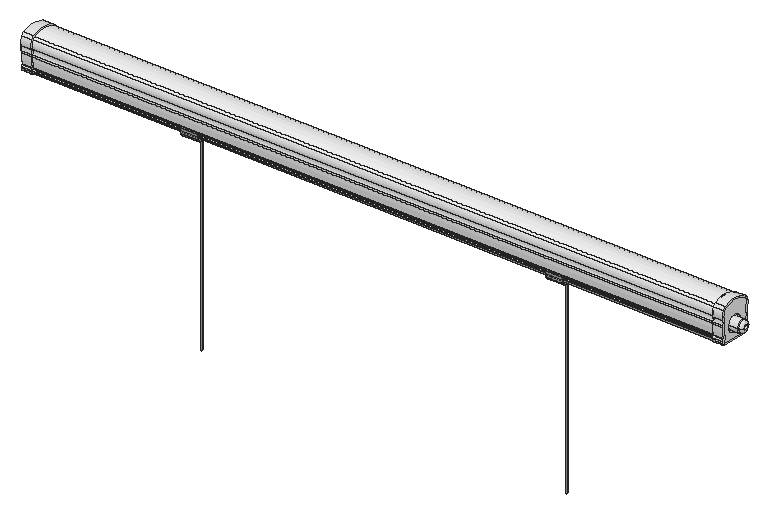
Revit family "0046034_suspended", category Lighting Fixtures, host Face, Revit 2016
Family settings
  Host = Face
  Part Type = Normal
  Round Connector Dimension = Use Diameter
  OmniClass Number = 23.80.70.00
  OmniClass Title = Lighting
  Cut with Voids When Loaded = No
  Light Source = No
  Shared = No
  Room Calculation Point = No
Parameters (values of type "0046034 ST WTRPRF SLIM 1500 IP65 3500LM 840")
  Weight = "8.64 kg"
  Wattage Comments = ""
  WarrantyStartDate [instance] = "n/a"
  WarrantyGuarantorParts = "n/a"
  WarrantyDurationUnit = "n/a"
  WarrantyDurationParts = "n/a"
  WarrantyDescription = "n/a"
  Voltage = 0 V
  URL = "http://www.sylvania-lighting.com"
  TypeName = "START Waterproof Slim 1500 IP65 3500lm 840"
  TypeFixture_SYL = START Waterproof Slim Fixture : 0046034 ST WTRPRF SLIM 1500 IP65 3500LM 840
  Type Image = <None>
  Type Comments = "n/a"
  SuspensionHeight_SYL [instance] = 400 mm
  SerialNumber [instance] = "n/a"
  S_SYL = no
  Material_3_SYL = Aluminum
  PowerFactor = 0.9
  PowerConsumption = "28 W"
  NominalLength = 1448 mm
  NominalHeight = 75 mm
  NominalDepth = 63 mm
  Name = "START Waterproof Slim 1500 IP65 3500lm 840"
  ModelReference = Name  # "START Waterproof Slim 1500 IP65 3500lm 840"
  ModelNumber = "0046034"
  Model = Name  # "START Waterproof Slim 1500 IP65 3500lm 840"
  Material = "n/a"
  ManufacturerName = "Feilo Sylvania"
  Manufacturer = "Feilo Sylvania"
  M_SYL = no
  LuminousEfficacy = "130 lm/W"
  LuminaireType = ""
  LightOutputRatio = "n/a"
  LampsType = Lamp  # "LED"
  LampNominalLuminous = "3650 lm"
  LampMacAdamStep = "n/a"
  LampColourTemperature = "4000 K"
  LampColourRenderingIndex = "80"
  Lamp = "LED"
  Keynote = "16500"
  InstallationDate [instance] = "n/a"
  InputVoltage = "n/a"
  InputNominalFrequency = "n/a"
  IngressProtection = "IP65"
  ImpactProtectionIndex = "IK08"
  IfcExportType = "IfcLightFixtureType"
  IfcExportAs = "IfcLightFixtureType"
  ElectricShockClassification = "Class I"
  DocumentationLiterature = "http://www.sylvania-lighting.com/product/en-int/products/0046034"
  DimmingControlOptions = "n/a"
  Material_2_SYL = Diffuser-Sylvania
  Description = "START Waterproof Slim is a LED integrated polycarbonate housing luminaire with easy to access electrical terminal through bayonet lock end caps and tool-free electrical connection due to push-in terminal. Flexible installation as mounting brackets can be positioned freely on the luminaire. 28W; 3650lm; High efficiency with 130lm/W and 50,000 lifetime. SDCM ≤6; IP65; IK08; Class I; 1489mm x 63mm x 75mm ,"
  Default Elevation = 1219.2 mm
  CreatedOn = "3/5/2019"
  CreatedBy = "@sylvania-lighting.com"
  Cost = 0
  built-in parameter 1114216 [instance] = (empty or 0)
  ClassificationValue = "EF_70_80"
  ClassificationName = "Uniclass2015"
  Material_1_SYL = PC/ABS Plastic
  BracketDistance_SYL = if(S_SYL, 300 mm, if(M_SYL, 600 mm, 750 mm))  # 750 mm
  BarCode [instance] = "n/a"
  AssetType = "Fixed"
  AssetIdentifier [instance] = "n/a"
  Assembly Code = "D5020200"
  Apparent Load = 28 VA
  Material_4_SYL = none
Reference planes
  plane 1 "Center (Front/Back)": y = 0
  plane 2: z = 0
  plane 3 "Center (Left/Right)": x = 0
  plane 4: x = -375
  plane 5: x = 375
  plane 6: z = 400
Forms (mm)
  Extrusion 1, solid, material "Aluminum" <- "Material_3_SYL"
    sketch origin (0, 0, 0) x (1, 0, 0) y (0, 1, 0)
      loop
        circle (-375, 0) r 2
      loop
        circle (375, 0) r 2
    from 0 to 400
Dimensions and locks
  equal spacing: plane 4, plane 3 "Center (Left/Right)", plane 5
  "BracketDistance_SYL": plane 4 to plane 5
  "SuspensionHeight_SYL": plane 6 to plane 2
  aligned and locked: plane 2 to host face
  aligned and locked: level to host face
  aligned and locked: Extrusion 1 to plane 6
  aligned and locked: plane 3 "Center (Left/Right)" to nested 1
  aligned and locked: plane 1 "Center (Front/Back)" to nested 1
Automatic sketch dimensions
  host sketch curve to host sketch curve = 2438.4 mm  (x2)
  plane 1 "Center (Front/Back)" to Extrusion 1 sketch curve = 0 mm  (x2)
  Extrusion 1 sketch curve to plane 4 = 0 mm
  Extrusion 1 sketch curve to plane 5 = 0 mm
  radius of Extrusion 1 sketch curve = 2 mm  (x2)
Nested families
  nested 1: "START Waterproof Slim Fixture" at (0, 0, 400), type <- "TypeFixture_SYL", type "0046034 ST WTRPRF SLIM 1500 IP65 3500LM 840"
    with WarrantyStartDate "n/a", SerialNumber "n/a", InstallationDate "n/a", built-in parameter 1114216 (empty or 0), BarCode "n/a", AssetIdentifier "n/a"
Definition of nested family "START Waterproof Slim Fixture"
  Parameters (values of type "0046034 ST WTRPRF SLIM 1500 IP65 3500LM 840")
    Weight = "8.64 kg"
    Wattage Comments = ""
    Wattage = 28 W
    WarrantyStartDate [instance] = "n/a"
    WarrantyGuarantorParts = "n/a"
    WarrantyDurationUnit = "n/a"
    WarrantyDurationParts = "n/a"
    WarrantyDescription = "n/a"
    built-in parameter 1150110 = 1 (stored number, unit not read)
    Voltage = 0 V
    URL = "http://www.sylvania-lighting.com"
    TypeName = "START Waterproof Slim 1500 IP65 3500lm 840"
    Type Image = (empty or 0)
    Type Comments = "n/a"
    built-in parameter 1114217 = 1 (stored number, unit not read)
    Tilt Angle = -90.00°
    built-in parameter 1150109 = 1 (stored number, unit not read)
    built-in parameter 1150134 = 12
    built-in parameter 1150113 = 1 (stored number, unit not read)
    SerialNumber [instance] = "n/a"
    S_SYL = no
    Photometric Web File = "0046034.ies"
    Material_3_SYL = none
    PowerFactor = 0.9
    PowerConsumption = "28 W"
    NominalLength = 1448 mm
    NominalHeight = 75 mm
    NominalDepth = 63 mm
    Name = "START Waterproof Slim 1500 IP65 3500lm 840"
    ModelReference = Name  # "START Waterproof Slim 1500 IP65 3500lm 840"
    ModelNumber = "0046034"
    Model = Name  # "START Waterproof Slim 1500 IP65 3500lm 840"
    Material = "n/a"
    ManufacturerName = "Feilo Sylvania"
    Manufacturer = "Feilo Sylvania"
    M_SYL = no
    LuminousEfficacy = "130 lm/W"
    built-in parameter 1150105 = 289.66 (stored number, unit not read)
    Lumens = 3640 lm
    LuminaireType = ""
    built-in parameter 1150115 = 1 (stored number, unit not read)
    LightOutputRatio = "n/a"
    built-in parameter 1150137 = (empty or 0)
    built-in parameter 1150139 = (empty or 0)
    Length_SYL = if(S_SYL, 601 mm, if(M_SYL, 1161 mm, 1442 mm))  # 1442 mm
    LampsType = Lamp  # "LED"
    LampNominalLuminous = "3650 lm"
    LampMacAdamStep = "n/a"
    LampColourTemperature = "4000 K"
    LampColourRenderingIndex = "80"
    built-in parameter 1150112 = 1 (stored number, unit not read)
    built-in parameter 1150114 = 1 (stored number, unit not read)
    Lamp = "LED"
    Keynote = "16500"
    InstallationDate [instance] = "n/a"
    InputVoltage = "n/a"
    InputNominalFrequency = "n/a"
    built-in parameter 1150132 = (empty or 0)
    built-in parameter 1150102 = (empty or 0)
    built-in parameter 1150107 = 4000 (stored number, unit not read)
    built-in parameter 1150138 = (empty or 0)
    IngressProtection = "IP65"
    ImpactProtectionIndex = "IK08"
    built-in parameter 1150106 = 2.8966 (stored number, unit not read)
    IfcExportType = "IfcLightFixtureType"
    IfcExportAs = "IfcLightFixtureType"
    Emit from Rectangle Width = 60 mm
    Emit from Rectangle Length = Length_SYL - 41 mm  # 1401 mm
    Emit Shape Visible in Rendering = no
    ElectricShockClassification = "Class I"
    built-in parameter 1150104 = 12.077 (stored number, unit not read)
    DocumentationLiterature = "http://www.sylvania-lighting.com/product/en-int/products/0046034"
    DimmingControlOptions = "n/a"
    Material_2_SYL = none
    Dimming Lamp Color Temperature Shift = (empty or 0)
    Description = "START Waterproof Slim is a LED integrated polycarbonate housing luminaire with easy to access electrical terminal through bayonet lock end caps and tool-free electrical connection due to push-in terminal. Flexible installation as mounting brackets can be positioned freely on the luminaire. 28W; 3650lm; High efficiency with 130lm/W and 50,000 lifetime. SDCM ≤6; IP65; IK08; Class I; 1489mm x 63mm x 75mm ,"
    Default Elevation = 1219.2 mm
    CreatedOn = "3/5/2019"
    CreatedBy = "@sylvania-lighting.com"
    Cost = 0
    Color Filter = 16777215
    built-in parameter 1114216 [instance] = (empty or 0)
    ClassificationValue = "EF_70_80"
    ClassificationName = "Uniclass2015"
    Material_1_SYL = none
    BracketDistance_SYL = if(S_SYL, 300 mm, if(M_SYL, 600 mm, 750 mm))  # 750 mm
    BarCode [instance] = "n/a"
    built-in parameter 1114218 = 1 (stored number, unit not read)
    built-in parameter 1150133 = 10 (stored number, unit not read)
    AssetType = "Fixed"
    AssetIdentifier [instance] = "n/a"
    Assembly Code = "D5020200"
    Apparent Load = 28 VA
    Material_4_SYL = none
  Types (5, lengths in mm): name | Weight | Wattage | TypeName | S_SYL | Photometric Web File | PowerConsumption | NominalLength | Name | ModelReference | ModelNumber | Model | M_SYL | built-in parameter 1150105 | Lumens | Length_SYL | LampNominalLuminous | built-in parameter 1150106 | Emit from Rectangle Length | DocumentationLiterature | Description | BracketDistance_SYL | Apparent Load
    0046034 ST WTRPRF SLIM 1500 IP65 3500LM 840 | "8.64 kg" | 28 W | "START Waterproof Slim 1500 IP65 3500lm 840" | no | "0046034.ies" | "28 W" | 1448 | "START Waterproof Slim 1500 IP65 3500lm 840" | "START Waterproof Slim 1500 IP65 3500lm 840" | "0046034" | "START Waterproof Slim 1500 IP65 3500lm 840" | no | 289.66 (stored number, unit not read) | 3640 lm | 1442 | "3650 lm" | 2.8966 (stored number, unit not read) | 1401 | "http://www.sylvania-lighting.com/product/en-int/products/0046034" | "START Waterproof Slim is a LED integrated polycarbonate housing luminaire with easy to access electrical terminal through bayonet lock end caps and tool-free electrical connection due to push-in terminal. Flexible installation as mounting brackets can be positioned freely on the luminaire. 28W; 3650lm; High efficiency with 130lm/W and 50,000 lifetime. SDCM ≤6; IP65; IK08; Class I; 1489mm x 63mm x 75mm ," | 750 | 28 VA
    0046033 ST WTRPRF SLIM 1200 IP65 2400LM 840 | "7.26 kg" | 19 W | "START Waterproof Slim 1200 IP65 2400lm 840" | no | "0046033.ies" | "19 W" | 1208 | "START Waterproof Slim 1200 IP65 2400lm 840" | "START Waterproof Slim 1200 IP65 2400lm 840" | "0046033" | "START Waterproof Slim 1200 IP65 2400lm 840" | yes | 196.56 (stored number, unit not read) | 2470 lm | 1161 | "2400 lm" | 1.9656 (stored number, unit not read) | 1120 | "http://www.sylvania-lighting.com/product/en-int/products/0046033" | "START Waterproof Slim is a LED integrated polycarbonate housing luminaire with easy to access electrical terminal through bayonet lock end caps and tool-free electrical connection due to push-in terminal. Flexible installation as mounting brackets can be positioned freely on the luminaire. 19W; 2400lm; High efficiency with 130lm/W and 50,000 lifetime. SDCM ≤6; IP65; IK08; Class I; 1208mm x 63mm x 75mm ," | 600 | 19 VA
    0046032 ST WTRPRF SLIM 1500 IP65 6200LM 840 | "8.88 kg" | 50 W | "START Waterproof Slim 1500 IP65 6200lm 840" | no | "0046032.ies" | "50 W" | 1448 | "START Waterproof Slim 1500 IP65 6200lm 840" | "START Waterproof Slim 1500 IP65 6200lm 840" | "0046032" | "START Waterproof Slim 1500 IP65 6200lm 840" | no | 517.25 (stored number, unit not read) | 6500 lm | 1442 | "6500 lm" | 5.1725 (stored number, unit not read) | 1401 | "http://www.sylvania-lighting.com/product/en-int/products/0046032" | "START Waterproof Slim is a LED integrated polycarbonate housing luminaire with easy to access electrical terminal through bayonet lock end caps and tool-free electrical connection due to push-in terminal. Flexible installation as mounting brackets can be positioned freely on the luminaire. 50W; 6500lm; High efficiency with 130lm/W and 50,000 lifetime. SDCM ≤6; IP65; IK08; Class I; 1489mm x 63mm x 75mm ," | 750 | 50 VA
    0046031 ST WTRPRF SLIM 1200 IP65 4600LM 840 | "7.38 kg" | 35 W | "START Waterproof Slim 1200 IP65 4600lm 840" | no | "0046031.ies" | "35 W" | 1208 | "START Waterproof Slim 1200 IP65 4600lm 840" | "START Waterproof Slim 1200 IP65 4600lm 840" | "0046031" | "START Waterproof Slim 1200 IP65 4600lm 840" | yes | 362.08 (stored number, unit not read) | 4550 lm | 1161 | "4550 lm" | 3.6208 (stored number, unit not read) | 1120 | "http://www.sylvania-lighting.com/product/en-int/products/0046031" | "START Waterproof Slim is a LED integrated polycarbonate housing luminaire with easy to access electrical terminal through bayonet lock end caps and tool-free electrical connection due to push-in terminal. Flexible installation as mounting brackets can be positioned freely on the luminaire. 35W; 4550lm; High efficiency with 130lm/W and 50,000 lifetime. SDCM ≤6; IP65; IK08; Class I; 1208mm x 63mm x 75mm ," | 600 | 35 VA
    0046030 ST WTRPRF SLIM 600 IP65 2400LM 840 | "6.0 kg" | 19 W | "START Waterproof Slim 600 IP65 2400lm 840" | yes | "0046030.ies" | "19 W" | 648 | "START Waterproof Slim 600 IP65 2400lm 840" | "START Waterproof Slim 600 IP65 2400lm 840" | "0046030" | "START Waterproof Slim 600 IP65 2400lm 840" | no | 196.56 (stored number, unit not read) | 2470 lm | 601 | "2400 lm" | 1.9656 (stored number, unit not read) | 560 | "http://www.sylvania-lighting.com/product/en-int/products/0046030" | "START Waterproof Slim is a LED integrated polycarbonate housing luminaire with easy to access electrical terminal through bayonet lock end caps and tool-free electrical connection due to push-in terminal. Flexible installation as mounting brackets can be positioned freely on the luminaire. 19W; 2400lm; High efficiency with 130lm/W and 50,000 lifetime. SDCM ≤6; IP65; IK08; Class I; 648mm x 63mm x 75mm ," | 300 | 19 VA
  Reference planes
    plane 1 "Center (Front/Back)": y = 0
    plane 2: z = 0
    plane 3 "Center (Left/Right)": x = 0
    plane 4: y = 31.5
    plane 5: y = -31.5
    plane 6: z = 86
    plane 7: z = 5
    plane 8: x = -721
    plane 9: x = 721
    plane 10: x = -700.5
    plane 11: x = 700.5
    plane 12: x = -720
    plane 13: x = 720
    plane 14: z = 33.7
    plane 15: y = 11
    plane 16: x = 716
    plane 17: x = -716
    plane 18: y = 17
    plane 19: x = 736.5
    plane 20: x = -736.5
    plane 21: x = 742.7
    plane 22: x = -742.7
    plane 23: y = 12.2
    plane 24: y = 6.2
    plane 25: z = 1
    plane 26: y = 26
    plane 27: y = -26
    plane 28: z = 15
    plane 29: x = -375
    plane 30: x = 375
    plane 31: x = -392.5
    plane 32: x = -357.5
    plane 33: x = 392.5
    plane 34: x = 357.5
  Forms (mm)
    Extrusion 1, solid
      sketch origin (4.2, 0, 0) x (1, 0, 0) y (0, 1, 0)
        loop
          line (-1219.2, 1219.2) -> (-1219.2, -1219.2) -> (1219.2, -1219.2) -> (1219.2, 1219.2) -> (-1219.2, 1219.2)
      from 0 to -68.017
    Extrusion 2, solid
      sketch origin (0, 0, 5) x (0, 1, 0) y (0, 0, 1)
        loop
          arc (26.446, 12.356) -> (28.93, 23.033) -> (29.9, 33.951) r 78.424
          arc (29.9, 33.951) -> (29.789, 35.375) -> (29.407, 36.75) r 7.401
          arc (29.407, 36.75) -> (28.37, 42.326) -> (29.407, 47.901) r 15.507
          arc (29.407, 47.901) -> (30.59, 55.782) -> (28.321, 63.421) r 18.358
          arc (28.321, 63.421) -> (26.333, 66.056) -> (23.699, 68.044) r 11.911
          arc (23.699, 68.044) -> (0, 74.189) -> (-23.699, 68.044) r 48.773
          arc (-23.699, 68.044) -> (-26.333, 66.056) -> (-28.321, 63.421) r 11.911
          arc (-28.321, 63.421) -> (-30.59, 55.782) -> (-29.407, 47.901) r 18.358
          arc (-29.407, 47.901) -> (-28.37, 42.326) -> (-29.407, 36.75) r 15.507
          arc (-29.407, 36.75) -> (-29.789, 35.375) -> (-29.9, 33.951) r 7.401
          arc (-29.9, 33.951) -> (-28.93, 23.033) -> (-26.446, 12.356) r 78.424
          line (-26.446, 12.356) -> (-26.446, 9.516) -> (-28.478, 9.516)
          arc (-28.478, 9.516) -> (-29.483, 9.1) -> (-29.9, 8.094) r 1.422
          line (-29.9, 8.094) -> (-29.9, 5.51)
          arc (-29.9, 5.51) -> (-28.755, 2.745) -> (-25.99, 1.6) r 3.91
          line (-25.99, 1.6) -> (0, 1.6) -> (25.99, 1.6)
          arc (25.99, 1.6) -> (28.755, 2.745) -> (29.9, 5.51) r 3.91
          line (29.9, 5.51) -> (29.9, 8.094)
          arc (29.9, 8.094) -> (29.483, 9.1) -> (28.478, 9.516) r 1.422
          line (28.478, 9.516) -> (26.446, 9.516) -> (26.446, 12.356)
      from -700.5 to 700.5
    Extrusion 3, solid, material <- "Material_1_SYL"
      sketch origin (700.5, 1524, 1224.2) x (0, 1, 0) y (0, 0, 1)
        loop
          line (-1552.046, -1207.084) -> (-1552.046, -1208.115)
          arc (-1552.046, -1208.115) -> (-1554.456, -1208.821) -> (-1555.5, -1211.106) r 3.022
          line (-1555.5, -1211.106) -> (-1555.5, -1213.69)
          arc (-1555.5, -1213.69) -> (-1553.886, -1217.586) -> (-1549.99, -1219.2) r 5.51
          line (-1549.99, -1219.2) -> (-1524, -1219.2) -> (-1498.01, -1219.2)
          arc (-1498.01, -1219.2) -> (-1494.114, -1217.586) -> (-1492.5, -1213.69) r 5.51
          line (-1492.5, -1213.69) -> (-1492.5, -1211.106)
          arc (-1492.5, -1211.106) -> (-1493.544, -1208.821) -> (-1495.954, -1208.115) r 3.022
          line (-1495.954, -1208.115) -> (-1495.954, -1207.084)
          arc (-1495.954, -1207.084) -> (-1493.471, -1196.301) -> (-1492.5, -1185.279) r 80.024
          arc (-1492.5, -1185.279) -> (-1492.635, -1183.547) -> (-1493.1, -1181.874) r 9.001
          arc (-1493.1, -1181.874) -> (-1494.03, -1176.874) -> (-1493.1, -1171.874) r 13.907
          arc (-1493.1, -1171.874) -> (-1491.814, -1163.307) -> (-1494.28, -1155.001) r 19.958
          arc (-1494.28, -1155.001) -> (-1496.535, -1152.013) -> (-1499.524, -1149.758) r 13.511
          arc (-1499.524, -1149.758) -> (-1524, -1143.411) -> (-1548.476, -1149.758) r 50.373
          arc (-1548.476, -1149.758) -> (-1551.465, -1152.013) -> (-1553.72, -1155.001) r 13.511
          arc (-1553.72, -1155.001) -> (-1556.186, -1163.307) -> (-1554.9, -1171.874) r 19.958
          arc (-1554.9, -1171.874) -> (-1553.97, -1176.874) -> (-1554.9, -1181.874) r 13.907
          arc (-1554.9, -1181.874) -> (-1555.365, -1183.547) -> (-1555.5, -1185.279) r 9.001
          arc (-1555.5, -1185.279) -> (-1554.529, -1196.301) -> (-1552.046, -1207.084) r 80.024
      from 0 to 20.5
    Extrusion 4, solid, material <- "Material_1_SYL"
      sketch origin (-700.5, 1524, 1224.2) x (0, 1, 0) y (0, 0, 1)
        loop
          arc (-1499.524, -1149.758) -> (-1524, -1143.411) -> (-1548.476, -1149.758) r 50.373
          arc (-1548.476, -1149.758) -> (-1551.465, -1152.013) -> (-1553.72, -1155.001) r 13.511
          arc (-1553.72, -1155.001) -> (-1556.186, -1163.307) -> (-1554.9, -1171.874) r 19.958
          arc (-1554.9, -1171.874) -> (-1553.97, -1176.874) -> (-1554.9, -1181.874) r 13.907
          arc (-1554.9, -1181.874) -> (-1555.365, -1183.547) -> (-1555.5, -1185.279) r 9.001
          arc (-1555.5, -1185.279) -> (-1554.529, -1196.301) -> (-1552.046, -1207.084) r 80.024
          line (-1552.046, -1207.084) -> (-1552.046, -1208.115)
          arc (-1552.046, -1208.115) -> (-1554.456, -1208.821) -> (-1555.5, -1211.106) r 3.022
          line (-1555.5, -1211.106) -> (-1555.5, -1213.69)
          arc (-1555.5, -1213.69) -> (-1553.886, -1217.586) -> (-1549.99, -1219.2) r 5.51
          line (-1549.99, -1219.2) -> (-1524, -1219.2) -> (-1498.01, -1219.2)
          arc (-1498.01, -1219.2) -> (-1494.114, -1217.586) -> (-1492.5, -1213.69) r 5.51
          line (-1492.5, -1213.69) -> (-1492.5, -1211.106)
          arc (-1492.5, -1211.106) -> (-1493.544, -1208.821) -> (-1495.954, -1208.115) r 3.022
          line (-1495.954, -1208.115) -> (-1495.954, -1207.084)
          arc (-1495.954, -1207.084) -> (-1493.471, -1196.301) -> (-1492.5, -1185.279) r 80.024
          arc (-1492.5, -1185.279) -> (-1492.635, -1183.547) -> (-1493.1, -1181.874) r 9.001
          arc (-1493.1, -1181.874) -> (-1494.03, -1176.874) -> (-1493.1, -1171.874) r 13.907
          arc (-1493.1, -1171.874) -> (-1491.814, -1163.307) -> (-1494.28, -1155.001) r 19.958
          arc (-1494.28, -1155.001) -> (-1496.535, -1152.013) -> (-1499.524, -1149.758) r 13.511
      from -20.5 to 0
    Extrusion 5, void
      sketch origin (721, 1524, 1224.2) x (0, -1, 0) y (0, 0, 1)
        loop
          arc (1553.033, -1171.155) -> (1554.191, -1163.446) -> (1551.972, -1155.973) r 17.958
          arc (1551.972, -1155.973) -> (1550.051, -1153.427) -> (1547.504, -1151.506) r 11.511
          arc (1547.504, -1151.506) -> (1524, -1145.411) -> (1500.496, -1151.506) r 48.373
          arc (1500.496, -1151.506) -> (1497.949, -1153.427) -> (1496.028, -1155.973) r 11.511
          arc (1496.028, -1155.973) -> (1493.809, -1163.446) -> (1494.967, -1171.155) r 17.958
          arc (1494.967, -1171.155) -> (1496.03, -1176.874) -> (1494.967, -1182.593) r 15.907
          arc (1494.967, -1182.593) -> (1494.605, -1183.895) -> (1494.5, -1185.241) r 7.001
          arc (1494.5, -1185.241) -> (1495.47, -1196.134) -> (1497.954, -1206.784) r 78.024
          line (1497.954, -1206.784) -> (1497.954, -1210.094) -> (1495.668, -1210.094)
          arc (1495.668, -1210.094) -> (1494.853, -1210.333) -> (1494.5, -1211.106) r 1.022
          line (1494.5, -1211.106) -> (1494.5, -1213.69)
          arc (1494.5, -1213.69) -> (1495.528, -1216.172) -> (1498.01, -1217.2) r 3.51
          line (1498.01, -1217.2) -> (1524, -1217.2) -> (1549.99, -1217.2)
          arc (1549.99, -1217.2) -> (1552.472, -1216.172) -> (1553.5, -1213.69) r 3.51
          line (1553.5, -1213.69) -> (1553.5, -1211.106)
          arc (1553.5, -1211.106) -> (1553.147, -1210.333) -> (1552.332, -1210.094) r 1.022
          line (1552.332, -1210.094) -> (1550.046, -1210.094) -> (1550.046, -1206.784)
          arc (1550.046, -1206.784) -> (1552.53, -1196.134) -> (1553.5, -1185.241) r 78.024
          arc (1553.5, -1185.241) -> (1553.395, -1183.895) -> (1553.033, -1182.593) r 7.001
          arc (1553.033, -1182.593) -> (1551.97, -1176.874) -> (1553.033, -1171.155) r 15.907
      from 0 to 1
    Extrusion 6, void
      sketch origin (-721, 1524, 1224.2) x (0, -1, 0) y (0, 0, 1)
        loop
          arc (1547.504, -1151.506) -> (1524, -1145.411) -> (1500.496, -1151.506) r 48.373
          arc (1500.496, -1151.506) -> (1497.949, -1153.427) -> (1496.028, -1155.973) r 11.511
          arc (1496.028, -1155.973) -> (1493.809, -1163.446) -> (1494.967, -1171.155) r 17.958
          arc (1494.967, -1171.155) -> (1496.03, -1176.874) -> (1494.967, -1182.593) r 15.907
          arc (1494.967, -1182.593) -> (1494.605, -1183.895) -> (1494.5, -1185.241) r 7.001
          arc (1494.5, -1185.241) -> (1495.47, -1196.134) -> (1497.954, -1206.784) r 78.024
          line (1497.954, -1206.784) -> (1497.954, -1210.094) -> (1495.668, -1210.094)
          arc (1495.668, -1210.094) -> (1494.853, -1210.333) -> (1494.5, -1211.106) r 1.022
          line (1494.5, -1211.106) -> (1494.5, -1213.69)
          arc (1494.5, -1213.69) -> (1495.528, -1216.172) -> (1498.01, -1217.2) r 3.51
          line (1498.01, -1217.2) -> (1524, -1217.2) -> (1549.99, -1217.2)
          arc (1549.99, -1217.2) -> (1552.472, -1216.172) -> (1553.5, -1213.69) r 3.51
          line (1553.5, -1213.69) -> (1553.5, -1211.106)
          arc (1553.5, -1211.106) -> (1553.147, -1210.333) -> (1552.332, -1210.094) r 1.022
          line (1552.332, -1210.094) -> (1550.046, -1210.094) -> (1550.046, -1206.784)
          arc (1550.046, -1206.784) -> (1552.53, -1196.134) -> (1553.5, -1185.241) r 78.024
          arc (1553.5, -1185.241) -> (1553.395, -1183.895) -> (1553.033, -1182.593) r 7.001
          arc (1553.033, -1182.593) -> (1551.97, -1176.874) -> (1553.033, -1171.155) r 15.907
          arc (1553.033, -1171.155) -> (1554.191, -1163.446) -> (1551.972, -1155.973) r 17.958
          arc (1551.972, -1155.973) -> (1550.051, -1153.427) -> (1547.504, -1151.506) r 11.511
      from 0 to -1
    Revolve 7, void
      sketch origin (0, 1219.2, 33.7) x (1, 0, 0) y (0, 1, 0)
        loop
          line (720, -1202.2) -> (716, -1202.2) -> (716, -1219.2) -> (720, -1219.2) -> (720, -1202.2)
        loop
          line (-716, -1219.2) -> (-716, -1202.2) -> (-720, -1202.2) -> (-720, -1219.2) -> (-716, -1219.2)
        axis (720, -1219.2) -> (-720, -1219.2)
      angle from 360 to 0
    Revolve 8, solid, material <- "Material_1_SYL"
      sketch origin (0, 1219.2, 33.7) x (1, 0, 0) y (0, 1, 0)
        loop
          line (716, -1219.2) -> (736.5, -1219.2) -> (736.5, -1213) -> (742.7, -1213)
          arc (742.7, -1213) -> (740.42, -1209.54) -> (736.5, -1208.2) r 6.404
          line (736.5, -1208.2) -> (736.5, -1207) -> (716, -1207) -> (716, -1219.2)
        loop
          line (-716, -1219.2) -> (-716, -1207) -> (-736.5, -1207) -> (-736.5, -1208.2)
          arc (-736.5, -1208.2) -> (-740.42, -1209.54) -> (-742.7, -1213) r 6.404
          line (-742.7, -1213) -> (-736.5, -1213) -> (-736.5, -1219.2) -> (-716, -1219.2)
        axis (742.7, -1219.2) -> (-742.7, -1219.2)
      angle from 360 to 0
    Extrusion 9, solid, material <- "Material_3_SYL"
      sketch origin (-375, 1524, 1214.2) x (0, 1, 0) y (0, 0, 1)
        loop
          line (-1498, -1213.2) -> (-1550, -1213.2) -> (-1555.5, -1207.7) -> (-1555.5, -1199.2) -> (-1550.446, -1199.2) -> (-1550.446, -1198.2) -> (-1556.5, -1198.2) -> (-1556.5, -1208.114) -> (-1550.414, -1214.2) -> (-1497.586, -1214.2) -> (-1491.5, -1208.114) -> (-1491.5, -1198.2) -> (-1497.554, -1198.2) -> (-1497.554, -1199.2) -> (-1492.5, -1199.2) -> (-1492.5, -1207.7) -> (-1498, -1213.2)
      from -17.5 to 17.5
    Extrusion 10, solid, material <- "Material_3_SYL"
      sketch origin (375, 1524, 1214.2) x (0, 1, 0) y (0, 0, 1)
        loop
          line (-1550, -1213.2) -> (-1555.5, -1207.7) -> (-1555.5, -1199.2) -> (-1550.446, -1199.2) -> (-1550.446, -1198.2) -> (-1556.5, -1198.2) -> (-1556.5, -1208.114) -> (-1550.414, -1214.2) -> (-1497.586, -1214.2) -> (-1491.5, -1208.114) -> (-1491.5, -1198.2) -> (-1497.554, -1198.2) -> (-1497.554, -1199.2) -> (-1492.5, -1199.2) -> (-1492.5, -1207.7) -> (-1498, -1213.2) -> (-1550, -1213.2)
      from -17.5 to 17.5
  Cuts and joins
    Extrusion 5, Revolve 7 cuts Extrusion 3
    Extrusion 6, Revolve 7 cuts Extrusion 4
  Lines and regions (mm)
    reference lines
      curve 1: line (0, 0, 5) -> (0, -25.99, 5)
      curve 2: line (0, -31.5, 10.51) -> (0, -31.5, 13.094)
      curve 3: line (0, -28.478, 16.116) -> (0, -28.046, 16.116)
      curve 4: line (0, -28.046, 16.116) -> (0, -28.046, 17.116)
      curve 5: arc (0, -28.046, 17.116) -> (0, -30.529, 27.899) -> (0, -31.5, 38.921) r 80.024
      curve 6: arc (0, -31.5, 38.921) -> (0, -31.365, 40.653) -> (0, -30.9, 42.326) r 9.001
      curve 7: arc (0, -30.9, 42.326) -> (0, -29.97, 47.326) -> (0, -30.9, 52.326) r 13.907
      curve 8: arc (0, -30.9, 52.326) -> (0, -32.186, 60.893) -> (0, -29.72, 69.199) r 19.958
      curve 9: arc (0, -29.72, 69.199) -> (0, -27.465, 72.187) -> (0, -24.476, 74.442) r 13.511
      curve 10: arc (0, -31.5, 13.094) -> (0, -30.615, 15.231) -> (0, -28.478, 16.116) r 3.022
      curve 11: arc (0, -25.99, 5) -> (0, -29.886, 6.614) -> (0, -31.5, 10.51) r 5.51
      curve 12: line (0, 0, 5) -> (0, 25.99, 5)
      curve 13: line (0, 31.5, 10.51) -> (0, 31.5, 13.094)
      curve 14: line (0, 28.478, 16.116) -> (0, 28.046, 16.116)
      curve 15: line (0, 28.046, 16.116) -> (0, 28.046, 17.116)
      curve 16: arc (0, 28.046, 17.116) -> (0, 30.529, 27.899) -> (0, 31.5, 38.921) r 80.024
      curve 17: arc (0, 31.5, 38.921) -> (0, 31.365, 40.653) -> (0, 30.9, 42.326) r 9.001
      curve 18: arc (0, 30.9, 42.326) -> (0, 29.97, 47.326) -> (0, 30.9, 52.326) r 13.907
      curve 19: arc (0, 30.9, 52.326) -> (0, 32.186, 60.893) -> (0, 29.72, 69.199) r 19.958
      curve 20: arc (0, 29.72, 69.199) -> (0, 27.465, 72.187) -> (0, 24.476, 74.442) r 13.511
      curve 21: arc (0, 31.5, 13.094) -> (0, 30.615, 15.231) -> (0, 28.478, 16.116) r 3.022
      curve 22: arc (0, 25.99, 5) -> (0, 29.886, 6.614) -> (0, 31.5, 10.51) r 5.51
      curve 23: arc (0, -24.476, 74.442) -> (0, 0, 80.789) -> (0, 24.476, 74.442) r 50.373
      curve 24: circle (0, 0, 33.7) r 17 normal (1, 0, 0)
      curve 25: circle (0, 0, 33.7) r 11 normal (1, 0, 0)
      curve 26: line (0, -26, 1) -> (0, -31.5, 6.5)
      curve 27: line (0, 26, 1) -> (0, 31.5, 6.5)
  Dimensions and locks
    equal spacing: plane 5, plane 1 "Center (Front/Back)", plane 4
    plane 5 to plane 4 = 63 mm
    equal spacing: plane 8, plane 3 "Center (Left/Right)", plane 9
    "Length_SYL": plane 8 to plane 9
    equal spacing: plane 10, plane 3 "Center (Left/Right)", plane 11
    locked: plane 8 to plane 10 at 20.5
    equal spacing: plane 12, plane 3 "Center (Left/Right)", plane 13
    locked: plane 8 to plane 12 at 1
    locked: plane 7 to plane 14 at 28.7
    equal spacing: plane 17, plane 3 "Center (Left/Right)", plane 16
    locked: plane 12 to plane 17 at 4
    locked: plane 1 "Center (Front/Back)" to plane 15 at 11
    locked: plane 1 "Center (Front/Back)" to plane 18 at 17
    equal spacing: plane 20, plane 3 "Center (Left/Right)", plane 19
    equal spacing: plane 22, plane 3 "Center (Left/Right)", plane 21
    locked: plane 20 to plane 12 at 16.5
    locked: plane 22 to plane 20 at 6.2
    locked: plane 15 to plane 23 at 1.2
    locked: plane 1 "Center (Front/Back)" to plane 24 at 6.2
    locked: plane 25 to plane 7 at 4
    equal spacing: plane 27, plane 1 "Center (Front/Back)", plane 26
    locked: plane 27 to plane 26 at 52
    locked: plane 7 to plane 28 at 10
    equal spacing: plane 29, plane 3 "Center (Left/Right)", plane 30
    "BracketDistance_SYL": plane 29 to plane 30
    plane 31 to plane 29 to plane 32 = 17.5 mm locked, 17.5 mm locked
    plane 34 to plane 30 to plane 33 = 17.5 mm locked, 17.5 mm locked
    aligned and locked: plane 2 to Extrusion 1
    aligned and locked: level to Extrusion 1
    aligned and locked: curve 1 to plane 7
    aligned and locked: curve 2 to plane 5
    aligned and locked: plane 5 to curve 5
    aligned and locked: Extrusion 2 to plane 10
    aligned and locked: plane 11 to Extrusion 2
    aligned and locked: Extrusion 3 sketch curve to curve 5
    aligned and locked: Extrusion 3 sketch curve to curve 6
    aligned and locked: Extrusion 3 sketch curve to curve 7
    aligned and locked: Extrusion 3 sketch curve to curve 8
    aligned and locked: Extrusion 3 sketch curve to curve 9
    aligned and locked: Extrusion 3 sketch curve to curve 23
    aligned and locked: Extrusion 3 sketch curve to curve 20
    aligned and locked: Extrusion 3 sketch curve to curve 19
    aligned and locked: Extrusion 3 sketch curve to curve 18
    aligned and locked: Extrusion 3 sketch curve to curve 17
    aligned and locked: Extrusion 3 sketch curve to curve 16
    aligned and locked: Extrusion 3 sketch curve to curve 21
    aligned and locked: Extrusion 3 sketch curve to curve 22
    aligned and locked: Extrusion 3 sketch curve to curve 1
    aligned and locked: Extrusion 3 sketch curve to curve 11
    aligned and locked: Extrusion 3 sketch curve to curve 10
    aligned and locked: Extrusion 3 sketch curve to curve 15
    aligned and locked: Extrusion 3 sketch curve to curve 4
    aligned and locked: plane 9 to Extrusion 3
    aligned and locked: Extrusion 3 to Extrusion 2
    aligned and locked: Extrusion 4 sketch curve to Extrusion 3  (x18)
    aligned and locked: Extrusion 4 to plane 8
    aligned and locked: Extrusion 4 to Extrusion 2
    aligned and locked: Extrusion 5 to plane 13
    aligned and locked: Extrusion 6 sketch curve to cut or joined group of Extrusion 3, Extrusion 5, Revolve 7  (x20)
    aligned and locked: plane 12 to Extrusion 6
    aligned and locked: Extrusion 6 to plane 8
    aligned and locked: plane 1 "Center (Front/Back)" to curve 24
    aligned and locked: plane 14 to curve 24
    aligned and locked: plane 1 "Center (Front/Back)" to curve 25
    aligned and locked: plane 14 to curve 25
    aligned and locked: Revolve 7 sketch curve to plane 1 "Center (Front/Back)"  (x2)
    aligned and locked: plane 18 to Revolve 7 sketch curve
    aligned and locked: Revolve 7 sketch curve to plane 13
    aligned and locked: plane 16 to Revolve 7 sketch curve
    aligned and locked: plane 1 "Center (Front/Back)" to Revolve 7 sketch curve
    aligned and locked: plane 17 to Revolve 7 sketch curve
    aligned and locked: Revolve 7 sketch curve to plane 18
    aligned and locked: Revolve 7 sketch curve to plane 12
    aligned and locked: Revolve 8 sketch curve to plane 1 "Center (Front/Back)"  (x3)
    aligned and locked: Revolve 8 sketch curve to cut or joined group of Extrusion 3, Extrusion 5, Revolve 7
    aligned and locked: Revolve 8 sketch curve to plane 23
    aligned and locked: Revolve 8 sketch curve to plane 19
    aligned and locked: Revolve 8 sketch curve to plane 24  (x2)
    aligned and locked: plane 19 to Revolve 8 sketch curve
    aligned and locked: Revolve 8 sketch curve to plane 17
    aligned and locked: plane 20 to Revolve 8 sketch curve
    aligned and locked: Revolve 8 sketch curve to plane 20
    aligned and locked: plane 23 to Revolve 8 sketch curve
    aligned and locked: imposter light to plane 1 "Center (Front/Back)"
    aligned and locked: imposter light to plane 6
    aligned and locked: plane 3 "Center (Left/Right)" to imposter light
    aligned and locked: plane 27 to curve 26
    aligned and locked: plane 5 to curve 26
    aligned and locked: plane 25 to curve 27
    aligned and locked: plane 4 to curve 27
    aligned and locked: Extrusion 9 sketch curve to plane 25
    aligned and locked: Extrusion 9 sketch curve to curve 27
    aligned and locked: plane 28 to Extrusion 9 sketch curve  (x2)
    aligned and locked: Extrusion 9 sketch curve to plane 4
    aligned and locked: Extrusion 2 to Extrusion 9 sketch curve  (x3)
    aligned and locked: Extrusion 9 sketch curve to curve 26
    aligned and locked: Extrusion 9 sketch curve to plane 5
    aligned and locked: Extrusion 9 sketch curve to Extrusion 2
    aligned and locked: plane 32 to Extrusion 9
    aligned and locked: Extrusion 9 to plane 31
    aligned and locked: Extrusion 10 sketch curve to Extrusion 9  (x16)
    aligned and locked: plane 33 to Extrusion 10
    aligned and locked: Extrusion 10 to plane 34
  Automatic sketch dimensions
    Extrusion 1 sketch curve to Extrusion 1 sketch curve = 2438.4 mm  (x2)
    Extrusion 2 sketch curve to plane 1 "Center (Front/Back)" = 0 mm  (x2)
    plane 1 "Center (Front/Back)" to Extrusion 2 sketch curve = 12.276 mm
    Extrusion 2 sketch curve to Extrusion 2 sketch curve = 5.635 mm  (x2)
    Extrusion 2 sketch curve to plane 5 = 8.999 mm
    level to Extrusion 2 sketch curve = 6.6 mm
    Extrusion 2 sketch curve to plane 5 = 5.51 mm
    Extrusion 2 sketch curve to plane 5 = 5.054 mm
    Extrusion 2 sketch curve to Extrusion 2 sketch curve = 2.031 mm  (x2)
    Extrusion 2 sketch curve to plane 5 = 1.6 mm
    plane 5 to Extrusion 2 sketch curve = 12.377 mm
    Extrusion 2 sketch curve to Extrusion 2 sketch curve = 4.633 mm  (x2)
    Extrusion 2 sketch curve to plane 1 "Center (Front/Back)" = 12.276 mm
    plane 4 to Extrusion 2 sketch curve = 8.999 mm
    plane 4 to Extrusion 2 sketch curve = 5.51 mm
    plane 4 to Extrusion 2 sketch curve = 5.054 mm
    Extrusion 2 sketch curve to Extrusion 2 sketch curve = 1.422 mm
    Extrusion 2 sketch curve to plane 4 = 12.377 mm
    Extrusion 2 sketch curve to Extrusion 2 sketch curve = 2.584 mm  (x2)
    Extrusion 2 sketch curve to Extrusion 2 sketch curve = 2.839 mm  (x2)
    Extrusion 2 sketch curve to Extrusion 2 sketch curve = 23.816 mm
    Extrusion 2 sketch curve to Extrusion 2 sketch curve = 21.734 mm  (x2)
    Extrusion 2 sketch curve to Extrusion 2 sketch curve = 1.328 mm
    Extrusion 2 sketch curve to Extrusion 2 sketch curve = 1.466 mm
    Extrusion 2 sketch curve to Extrusion 2 sketch curve = 6.908 mm  (x2)
    plane 6 to Extrusion 2 sketch curve = 26.499 mm  (x2)
    Extrusion 2 sketch curve to Extrusion 2 sketch curve = 3.132 mm  (x2)
    Extrusion 2 sketch curve to plane 5 = 7.801 mm
    Extrusion 2 sketch curve to Extrusion 2 sketch curve = 0 mm  (x7)
    plane 4 to Extrusion 2 sketch curve = 2.093 mm
    Extrusion 3 sketch curve to plane 1 "Center (Front/Back)" = 0 mm
    Extrusion 3 sketch curve to Extrusion 3 sketch curve = 0.431 mm
    Extrusion 4 sketch curve to plane 1 "Center (Front/Back)" = 0 mm
    Extrusion 5 sketch curve to plane 1 "Center (Front/Back)" = 0 mm  (x2)
    Extrusion 5 sketch curve to plane 1 "Center (Front/Back)" = 12.276 mm
    Extrusion 5 sketch curve to Extrusion 5 sketch curve = 5.635 mm  (x2)
    plane 4 to Extrusion 5 sketch curve = 8.999 mm
    level to Extrusion 5 sketch curve = 7 mm
    plane 4 to Extrusion 5 sketch curve = 5.51 mm
    plane 4 to Extrusion 5 sketch curve = 5.454 mm
    Extrusion 5 sketch curve to Extrusion 5 sketch curve = 2.431 mm
    plane 4 to Extrusion 5 sketch curve = 2 mm
    Extrusion 5 sketch curve to plane 4 = 12.377 mm
    Extrusion 5 sketch curve to Extrusion 5 sketch curve = 4.633 mm  (x2)
    plane 1 "Center (Front/Back)" to Extrusion 5 sketch curve = 12.276 mm
    Extrusion 5 sketch curve to plane 5 = 8.999 mm
    Extrusion 5 sketch curve to plane 5 = 5.51 mm
    Extrusion 5 sketch curve to Extrusion 5 sketch curve = 0.056 mm
    Extrusion 5 sketch curve to Extrusion 5 sketch curve = 2.285 mm
    Extrusion 5 sketch curve to Extrusion 5 sketch curve = 0.146 mm  (x2)
    Extrusion 5 sketch curve to Extrusion 5 sketch curve = 1.022 mm
    plane 5 to Extrusion 5 sketch curve = 12.377 mm
    Extrusion 5 sketch curve to Extrusion 5 sketch curve = 2.584 mm  (x2)
    Extrusion 5 sketch curve to Extrusion 5 sketch curve = 3.31 mm
    Extrusion 5 sketch curve to Extrusion 5 sketch curve = 4.322 mm
    Extrusion 5 sketch curve to Extrusion 5 sketch curve = 23.416 mm
    Extrusion 5 sketch curve to Extrusion 5 sketch curve = 21.674 mm  (x2)
    Extrusion 5 sketch curve to Extrusion 5 sketch curve = 1.328 mm
    Extrusion 5 sketch curve to Extrusion 5 sketch curve = 1.459 mm
    Extrusion 5 sketch curve to Extrusion 5 sketch curve = 6.908 mm  (x2)
    plane 6 to Extrusion 5 sketch curve = 26.499 mm  (x2)
    Extrusion 5 sketch curve to Extrusion 5 sketch curve = 3.132 mm  (x2)
    plane 4 to Extrusion 5 sketch curve = 7.996 mm
    Extrusion 5 sketch curve to Extrusion 5 sketch curve = 0 mm  (x7)
    Extrusion 5 sketch curve to plane 5 = 2.467 mm
    Extrusion 6 sketch curve to plane 1 "Center (Front/Back)" = 0 mm
    Revolve 7 sketch curve to plane 8 = 1368.5 mm
    plane 9 to Revolve 7 sketch curve = 1368.5 mm
    Revolve 8 sketch curve to plane 22 = 0 mm
    plane 15 to Revolve 8 sketch curve = 0 mm  (x2)
    Revolve 8 sketch curve to plane 21 = 0 mm
    Revolve 8 sketch curve to plane 22 = 1346.8 mm
    plane 21 to Revolve 8 sketch curve = 1346.8 mm
    curve 6 to plane 5 = 0 mm
    curve 23 to plane 1 "Center (Front/Back)" = 0 mm
    curve 1 to plane 1 "Center (Front/Back)" = 0 mm
    curve 27 to plane 26 = 0 mm
    curve 21 to plane 4 = 0 mm
    curve 17 to plane 4 = 0 mm
    curve 16 to plane 4 = 0 mm
    plane 25 to curve 26 = 0 mm
    plane 5 to curve 7 = 12.377 mm
    curve 16 to curve 7 = 4.633 mm
    plane 27 to curve 10 = 2.478 mm
    curve 3 to curve 3 = 0.431 mm
    curve 11 to plane 27 = 0.01 mm
    curve 6 to plane 27 = 3.499 mm
    curve 9 to plane 27 = 8.089 mm
    curve 9 to curve 8 = 5.635 mm
    curve 19 to plane 23 = 0.076 mm
    curve 20 to plane 18 = 0.911 mm
    plane 26 to curve 17 = 3.499 mm
    plane 26 to curve 12 = 0.01 mm
    curve 14 to plane 26 = 2.046 mm
    curve 21 to plane 26 = 2.478 mm
    curve 18 to plane 4 = 12.377 mm
    curve 18 to curve 5 = 4.633 mm
    curve 11 to curve 10 = 2.584 mm
    curve 22 to curve 21 = 2.584 mm
    curve 14 to curve 15 = 1 mm
    curve 3 to curve 4 = 1 mm
    curve 23 to curve 25 = 3.284 mm
    curve 6 to plane 14 = 5.39 mm
    curve 17 to plane 14 = 5.39 mm
    curve 5 to curve 18 = 6.908 mm
    curve 16 to curve 7 = 6.908 mm
    plane 6 to curve 19 = 26.499 mm
    plane 6 to curve 8 = 26.499 mm
    curve 19 to curve 20 = 3.132 mm
    curve 8 to curve 9 = 3.132 mm
    curve 7 to plane 5 = 0.6 mm
    curve 8 to curve 7 = 0 mm
    curve 9 to curve 8 = 0 mm
    curve 23 to curve 9 = 0 mm
    curve 20 to curve 23 = 0 mm
    curve 19 to curve 20 = 0 mm
    curve 18 to curve 17 = 0 mm
    curve 26 to plane 7 = 1.5 mm
    curve 27 to plane 7 = 1.5 mm
    plane 5 to Extrusion 9 sketch curve = 1 mm
    plane 27 to Extrusion 9 sketch curve = 0.414 mm
    Extrusion 9 sketch curve to plane 26 = 0.414 mm
    Extrusion 9 sketch curve to plane 4 = 1 mm
    plane 25 to Extrusion 9 sketch curve = 1 mm
    Extrusion 9 sketch curve to Extrusion 9 sketch curve = 0.414 mm  (x2)
    Extrusion 9 sketch curve to plane 28 = 1 mm  (x2)
    radius of curve 24 = 17 mm
    radius of curve 25 = 11 mm
  Connectors
    electrical at (-736.5, 0, 33.7), driven by "Voltage", driven by "Apparent Load", driven by "PowerFactor"
      settings: on Revolve 8, index 1, voltage 0 V, apparent load 0 VA, apparent load phase1 28 VA, apparent load phase2 0 VA, apparent load phase3 0 VA, power factor 0.9, load classification none, number of poles 1, system type 31, power factor state 1, is connector primary yes, connector utility no, sub classification motor no, connector description ""
